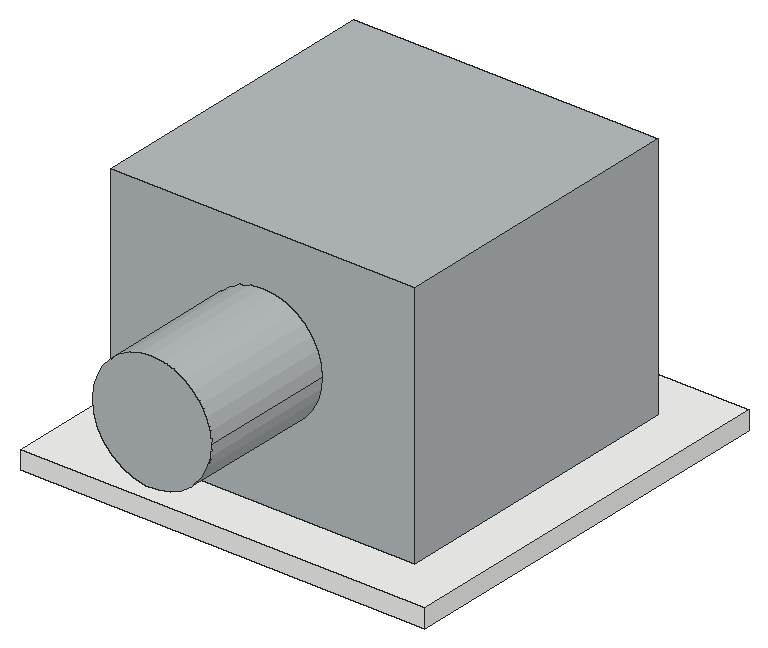
Revit family "vd-13_15zy14_60Hz", category 機械設備, Revit 2019
Family settings
  丸型コネクタ寸法 = 直径を使用
  パーツ タイプ = 標準
  OmniClass 番号 = 23.75.35.17.27
  OmniClass タイトル = Centrifugal Fans
  作業面ベース = いいえ
  常に垂直 = はい
  ロード時にボイドで切り取り = いいえ
  共有 = いいえ
  部屋計算ポイント = はい
Parameters (values of type "VD-15ZY14")
  騒音レベル(dB(A)) [instance] = 37.5
  風量 [instance] = 204.0 m³/h
  電源種別 [instance] = ""
  電圧 = 100 V
  電動機出力 = 0 W
  電動機_種別 [instance] = ""
  運転質量 = 0.00 kg
  連動 [instance] = ""
  質量 = if(製品質量 > 運転質量, 製品質量, 運転質量) * 1.2  # 5.40 kg
  負荷分類 = 3_ファン類
  説明 = "ダクト用換気扇 低騒音形 オール金属タイプ"
  設計風量 [instance] = 0.0 m³/h
  設置方法 = "天埋"
  記号 [instance] = ""
  製造元 = "三菱電機株式会社"
  製品質量 = 4.50 kg
  製品出荷対象 = "国内"
  製品リリース年月 = "2024年6月3日"
  製品グループ = ""
  系統 [instance] = ""
  符号 [instance] = if(☑給気／□排気, "FS", "FE")  # "FE"
  積算_科目 = "2 換気設備"
  積算_拾い区分 [instance] = ""
  相 = 1
  盤記号 [instance] = ""
  発停方法 [instance] = ""
  特殊仕様 [instance] = ""
  火災停止 [instance] = ""
  消費電力 = 24 W
  法定耐用年数 = "15"
  機外静圧 [instance] = 0.0 Pa
  極数 = 2
  材質 [instance] = ""
  操作・制御方式 = ""
  操作・制御スイッチ = ""
  排気量 [instance] = if(☑給気／□排気, 0.0 m³/h, 設計風量)  # 0.0 m³/h
  形式 = "天井埋込ダクト形"
  幹線記号 [instance] = ""
  対象室 [instance] = ""
  実風量 [instance] = 0.0 m³/h
  始動方式 [instance] = "直入"
  外気量 [instance] = if(☑給気／□排気, 設計風量, 0.0 m³/h)  # 0.0 m³/h
  呼称 = "天井扇"
  周波数 = 60 Hz
  参照している仕様書等のバージョン = ""
  分類コード = "50052503100030"
  分類グループ = ""
  価格 = 31200
  企業コード = "108420"
  付属品_防振装置 = ""
  付属品 [instance] = ""
  仕様書バージョン = "Version1.0"
  モデル = "VD-15ZY14"
  マテリアル = 鋼板
  ファンの種類 = ""
  ダクト径 = 100 mm
  コメント [instance] = ""
  Keynote = ""
  カバーマテリアル = 鋼板(白)
  ☑給気／□排気 [instance] = no
  Width = 251 mm
  W1 = 334 mm
  Version = ""
  Uniclass2015Version = "Systems v1.9"
  Uniclass2015Title = "Centrifugal fans"
  Uniclass2015Code = "Pr_65_67_29_12"
  URL = "https://www.mitsubishielectric.co.jp/ldg/wink/qr/002/333639/"
  SpecificationReference = ""
  SpecificationDescription = ""
  Revision = ""
  ProductInformation = ""
  OmniClassCode = "23-33 31 19 11 15"
  MIN風量 = 0.0 m³/h
  MIN静圧 = 0.0 Pa
  MID風量 = 0.0 m³/h
  MID静圧 = 0.0 Pa
  MAX風量 = 204.0 m³/h
  MAX静圧 = 0.0 Pa
  IfcTypeProduct = ""
  IfcProduct = ""
  IfcExportType = "PROPELLORAXIAL"
  IfcExportAs = "IfcFanType"
  Height = 204 mm
  H1 = 15 mm
  EAサイズ_D = 98 mm
  Duct_Height = 111 mm
  Duct_Depth = 114 mm
  Duct_Center = 0 mm
  Depth = 251 mm
  D1 = 334 mm
  Author = "三菱電機株式会社"
Types (2, lengths in mm): name | 騒音レベル(dB(A)) | 風量 | 質量 | 製品質量 | 消費電力 | 価格 | モデル | Width | W1 | URL | MAX風量 | Height | Duct_Height | Duct_Center | Depth | D1
  VD-13ZY14 | 39 | 170.0 m³/h | 3.36 kg | 2.80 kg | 27 W | 31100 | "VD-13ZY14" | 195 | 282 | "https://www.mitsubishielectric.co.jp/ldg/wink/qr/002/333599/" | 170.0 m³/h | 193 | 102 | 56 | 195 | 282
  VD-15ZY14 | 37.5 | 204.0 m³/h | 5.40 kg | 4.50 kg | 24 W | 31200 | "VD-15ZY14" | 251 | 334 | "https://www.mitsubishielectric.co.jp/ldg/wink/qr/002/333639/" | 204.0 m³/h | 204 | 111 | 0 | 251 | 334
Reference planes
  plane 1 "中心(正面/背面)": y = 0
  plane 2: z = 0
  plane 3 "中心(左/右)": x = 0
  plane 4: x = -167
  plane 5: x = 167
  plane 6: y = 167
  plane 7: y = -167
  plane 8: x = -125.5
  plane 9: x = 125.5
  plane 10: y = 125.5
  plane 11: y = -125.5
  plane 12: y = -239.5
  plane 13: z = 204
  plane 14: z = -15
  plane 15: z = 111
  plane 16: x = 0
Forms (mm)
  Extrusion 1, solid, material "鋼板" <- "マテリアル", detail levels fine
    sketch origin (0, 0, 0) x (1, 0, 0) y (0, 1, 0)
      loop
        line (-125.5, 125.5) -> (-125.5, -125.5) -> (125.5, -125.5) -> (125.5, 125.5) -> (-125.5, 125.5)
    from 0 to 204
  Extrusion 2, solid, material "鋼板(白)" <- "カバーマテリアル", detail levels fine
    sketch origin (0, 0, 0) x (1, 0, 0) y (0, 1, 0)
      loop
        line (-167, 167) -> (-167, -167) -> (167, -167) -> (167, 167) -> (-167, 167)
    from 0 to -15
  Extrusion 3, solid, material "鋼板" <- "マテリアル", detail levels fine
    sketch origin (0, 0, 0) x (1, 0, 0) y (0, 0, 1)
      loop
        circle (0, 111) r 49
    from 125.5 to 239.5
Dimensions and locks
  equal spacing: plane 4, plane 3 "中心(左/右)", plane 5
  "W1": plane 4 to plane 5
  equal spacing: plane 6, plane 1 "中心(正面/背面)", plane 7
  "D1": plane 6 to plane 7
  equal spacing: plane 8, plane 3 "中心(左/右)", plane 9
  "Width": plane 8 to plane 9
  equal spacing: plane 10, plane 1 "中心(正面/背面)", plane 11
  "Depth": plane 10 to plane 11
  "Duct_Depth": plane 11 to plane 12
  "Height": plane 13 to plane 2
  "Duct_Height": plane 15 to plane 2
  "H1": plane 2 to plane 14
  "Duct_Center": plane 3 "中心(左/右)" to plane 16
  "EAサイズ_D": diameter of Extrusion 3 sketch curve
  aligned and locked: level to plane 2
  aligned and locked: plane 5 to Extrusion 2
  aligned and locked: plane 6 to Extrusion 2
  aligned and locked: Extrusion 2 to plane 4
  aligned and locked: Extrusion 2 to plane 7
  aligned and locked: plane 9 to Extrusion 1
  aligned and locked: Extrusion 1 to plane 11
  aligned and locked: Extrusion 1 to plane 8
  aligned and locked: plane 10 to Extrusion 1
  aligned and locked: plane 13 to Extrusion 1
  aligned and locked: Extrusion 2 to plane 14
  aligned and locked: level to Extrusion 2
  aligned and locked: Extrusion 1 to level
  aligned and locked: Extrusion 3 to plane 12
  aligned and locked: plane 11 to Extrusion 3
Automatic sketch dimensions
  Extrusion 1 sketch curve to plane 3 "中心(左/右)" = 125.5 mm
  plane 3 "中心(左/右)" to Extrusion 1 sketch curve = 125.5 mm
  Extrusion 2 sketch curve to plane 3 "中心(左/右)" = 167 mm
  plane 3 "中心(左/右)" to Extrusion 2 sketch curve = 167 mm
  plane 1 "中心(正面/背面)" to Extrusion 1 sketch curve = 125.5 mm
  Extrusion 1 sketch curve to plane 1 "中心(正面/背面)" = 125.5 mm
  plane 1 "中心(正面/背面)" to Extrusion 2 sketch curve = 167 mm
  Extrusion 2 sketch curve to plane 1 "中心(正面/背面)" = 167 mm
  Extrusion 3 sketch curve to plane 15 = 0 mm
  Extrusion 3 sketch curve to plane 16 = 0 mm
Nested families
  nested 1: "記号_天井換気扇_平面" at (0, 0, 0), type "記号_天井換気扇_平面", detail levels coarse+medium
Connectors
  hvac at (0, -239.5, 111), driven by "ダクト径", driven by "風量", driven by "機外静圧"
    settings: on Extrusion 3, index 1, duct flow 204.0 m³/h, flow factor 0, pres drop 0.0 Pa, loss coef 0, conn angle 0.00°, conn width 304.8 mm, conn height 304.8 mm, conn diameter 100 mm, duct sys type 3, conn prof type 0, flow config 0, flow direction 2, loss method 4, conn ref index -1, conn util no, is conn primary yes, conn desc ""
  electrical at (0, 0, 204), driven by "極数", driven by "負荷分類", driven by "電圧", driven by "消費電力"
    settings: on Extrusion 1, index 2, voltage 100 V, apparent load 24 VA, apparent load phase1 0 VA, apparent load phase2 0 VA, apparent load phase3 0 VA, power factor 1, load classification "3_ファン類", number of poles 2, system type 30, power factor state 1, is connector primary yes, connector utility no, sub classification motor no, connector description ""
Definition of nested family "記号_天井換気扇_平面"
  Reference planes
    plane 1: y = 0
    plane 2: x = 0
  Lines and regions (mm)
    detail lines
      curve 1: line (-2.5, 2.5, 0) -> (2.5, 2.5, 0)
      curve 2: line (-2.5, -2.5, 0) -> (-2.5, 2.5, 0)
      curve 3: line (2.5, -2.5, 0) -> (-2.5, -2.5, 0)
      curve 4: line (2.5, 2.5, 0) -> (2.5, -2.5, 0)
      curve 5: circle (-1.04, -1.04, 0) r 1.46 normal (0, 0, 1)
      curve 6: circle (1.04, 1.04, 0) r 1.46 normal (0, 0, 1)
      curve 7: line (-3.125, 3.125, 0) -> (3.125, 3.125, 0)
      curve 8: line (-3.125, -3.125, 0) -> (-3.125, 3.125, 0)
      curve 9: line (3.125, -3.125, 0) -> (-3.125, -3.125, 0)
      curve 10: line (3.125, 3.125, 0) -> (3.125, -3.125, 0)
      curve 11: circle (1.295, 1.295, 0) r 1.83 normal (0, 0, 1)
      curve 12: circle (-1.295, -1.295, 0) r 1.83 normal (0, 0, 1)
      curve 13: line (-2, 2, 0) -> (2, 2, 0)
      curve 14: line (-2, -2, 0) -> (-2, 2, 0)
      curve 15: line (2, -2, 0) -> (-2, -2, 0)
      curve 16: line (2, 2, 0) -> (2, -2, 0)
      curve 17: circle (0.84, 0.84, 0) r 1.16 normal (0, 0, 1)
      curve 18: circle (-0.84, -0.84, 0) r 1.2 normal (0, 0, 1)
